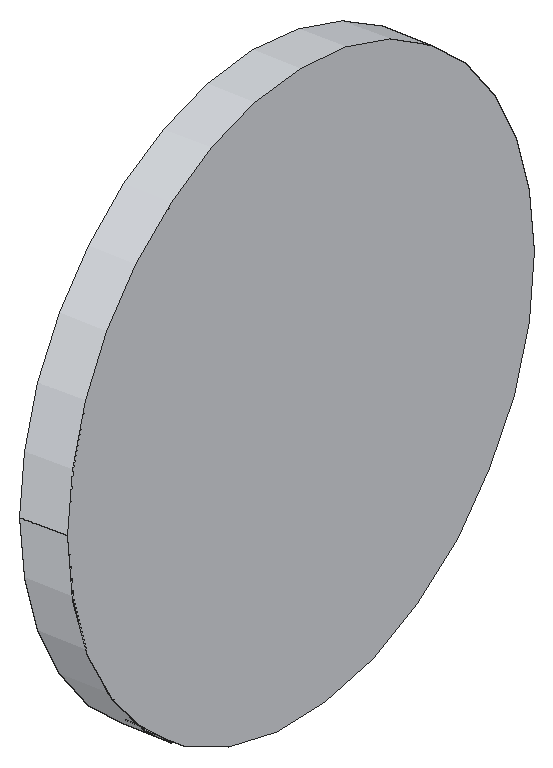
Revit family "Syst Splitter - Storm Drain and Overflow Drain", category Pipe Fittings, Revit 2019
Family settings
  Round Connector Dimension = Use Radius
  Part Type = Transition
  OmniClass Number = 23.60.30.11.14
  OmniClass Title = Pipework Fittings
  Work Plane-Based = No
  Always vertical = Yes
  Cut with Voids When Loaded = No
  Shared = No
Parameters (values of type "Storm Drain")
  _Roof_Vertical_Wall_Area_Per_Code: [instance] = _Roof_Vertical_Wall_Area * 0.05  # 0
  _Roof_Vertical_Wall_Area [instance] = 0
  _Roof_Total_Area [instance] = _Roof_Area + _Roof_Vertical_Wall_Area  # 0
  _Roof_Flow_SQFT [instance] = _Roof_Total_Area * 0.06 L/s  # 0.0 L/s
  _Roof_Area [instance] = 0
  _Rainfall = 0
  Utiliser l'échelle d'annotations [instance] = 1
  Nominal Radius [instance] = Nominal Diameter / 2  # 50 mm
  Nominal Diameter [instance] = 100 mm
  Nom_equipement_01_TEXT [instance] = ""
  Nom de la table de recherche = "STN_Pipe_Cast_Iron_Copper"
  Height = 10 mm
  Insulation Thickness [instance] = 0 mm
  Insulation Radius [instance] = Fitting Outside Radius + Insulation Thickness  # 60.96 mm
  Fixture Units = 0
  Fitting Outside Radius [instance] = Fitting Outside Diameter / 2  # 60.96 mm
  Fitting Outside Diameter [instance] = size_lookup(Nom de la table de recherche, "FOD", Nominal Diameter + 3.175 mm, Nominal Diameter)  # 121.92 mm
  Coefficient K = 0.1
  Assembly Code = ""
Reference planes
  plane 1 "Centre (Front/Back)": y = 0
  plane 2: z = 0
  plane 3 "Centre (Left/Right)": x = 0
  plane 4: x = 10
  plane 5: x = 10
  plane 6: y = 60.96
  plane 7: y = -60.96
Forms (mm)
  Extrusion 1, solid, detail levels fine
    sketch origin (0, 0, 0) x (0, 1, 0) y (0, 0, 1)
      loop
        circle (0, 0) r 60.96
    from 0 to 10
  Extrusion 2, solid
    sketch origin (0, 0, 0) x (0, 1, 0) y (0, 0, 1)
      loop
        circle (0, 0) r 60.96
    from 0 to 10
Lines and regions (mm)
  model lines, style "InvisibleLines"
    curve 1: line (37.946, 99.919, 0) -> (-38.304, 99.919, 0)
    curve 2: line (-38.304, 99.919, 0) -> (-21.31, 91.995, 0)
    curve 3: line (-38.304, 99.919, 0) -> (-21.31, 107.843, 0)
Dimensions and locks
  "Height": plane 3 "Centre (Left/Right)" to plane 4
  "Insulation Thickness": plane 4 to plane 5
  "Fitting Outside Radius": plane 6 to plane 1 "Centre (Front/Back)"
  "Fitting Outside Radius": plane 1 "Centre (Front/Back)" to plane 7
  "Fitting Outside Radius": radius of Extrusion 1 sketch curve
  "Insulation Radius": radius of Extrusion 2 sketch curve
  aligned and locked: plane 1 "Centre (Front/Back)" to Extrusion 1 sketch curve
  aligned and locked: plane 2 to Extrusion 1 sketch curve
  aligned and locked: Extrusion 1 to plane 3 "Centre (Left/Right)"
  aligned and locked: plane 4 to Extrusion 1
  aligned and locked: plane 1 "Centre (Front/Back)" to Extrusion 2 sketch curve
  aligned and locked: plane 2 to Extrusion 2 sketch curve
  aligned and locked: Extrusion 2 to plane 3 "Centre (Left/Right)"
  aligned and locked: plane 5 to Extrusion 2
Automatic sketch dimensions
  curve 1 to plane 3 "Centre (Left/Right)" = 38.304 mm
  plane 6 to curve 1 = 38.959 mm
  curve 1 to curve 2 = 16.993 mm
  curve 3 to curve 2 = 0 mm
  plane 4 to curve 1 = 27.946 mm
  curve 2 to curve 1 = 7.924 mm
  curve 2 to curve 3 = 15.848 mm
Connectors
  piping at (0, 0, 0), diameter 100, driven by "Nominal Radius", driven by "Fixture Units", driven by "_Roof_Flow_SQFT"
    settings: on Extrusion 1, index 1, connector inside diameter 100 mm, connector length 0 mm, flow factor 0, pipe flow 0.0 L/s, pressure drop 0.0 Pa, fitting loss kfactor 0, connector angle 0.00°, fixture units 0, engagement length 0 mm, angle of deflection 0.00°, flow configuration 1, flow direction 2, fitting loss method 0, system type 8, joint type 0, gender type 0, connector reference index -1, connector utility 0, adjustable connector yes, is connector primary yes, connector description "Sanitary Out"
  piping at (10, 0, 0), diameter 100, driven by "Nominal Radius"
    settings: on Extrusion 1, index 2, connector inside diameter 100 mm, connector length 0 mm, flow factor 0, pipe flow 0.0 L/s, pressure drop 0.0 Pa, fitting loss kfactor 0, connector angle 0.00°, fixture units 0, engagement length 0 mm, angle of deflection 0.00°, flow configuration 3, flow direction 1, fitting loss method 0, system type 16, joint type 0, gender type 0, connector reference index -1, connector utility 0, adjustable connector yes, is connector primary no, connector description "Vent In"
